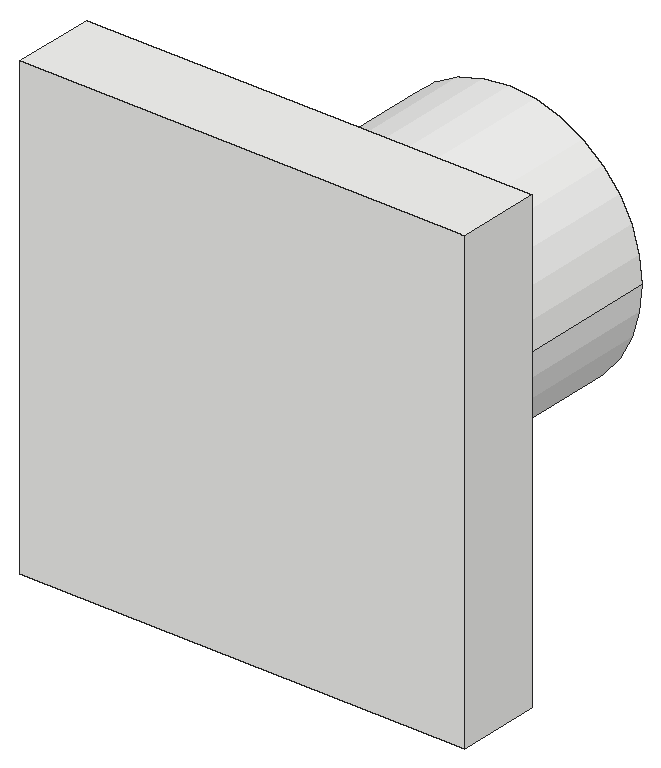
Revit family "V-08PPFL8_60Hz", category 機械設備, Revit 2019
Family settings
  丸型コネクタ寸法 = 直径を使用
  パーツ タイプ = 標準
  OmniClass 番号 = 23.75.35.17.24
  OmniClass タイトル = Axial Fans
  作業面ベース = いいえ
  常に垂直 = はい
  ロード時にボイドで切り取り = いいえ
  共有 = いいえ
  部屋計算ポイント = はい
Parameters (values of type "V-08PPFL8")
  騒音レベル(dB(A)) [instance] = 31.5
  風量 [instance] = 120.0 m³/h
  電源種別 [instance] = ""
  電圧 = 100 V
  電動機出力 = 0 W
  電動機_種別 [instance] = ""
  運転質量 = 0.00 kg
  連動 [instance] = ""
  質量 = if(製品質量 > 運転質量, 製品質量, 運転質量) * 1.2  # 0.684 kg
  負荷分類 = 3_ファン類
  説明 = "パイプ用ファン 角形格子タイプ"
  設計風量 [instance] = 0.0 m³/h
  設置方法 = "壁付"
  記号 [instance] = ""
  製造元 = "三菱電機株式会社"
  製品質量 = 0.57 kg
  製品出荷対象 = "国内"
  製品リリース年月 = "2022年6月1日"
  製品グループ = ""
  羽根径 = "∅85"
  系統 [instance] = ""
  符号 [instance] = if(☑給気／□排気, "FS", "FE")  # "FE"
  積算_科目 = "2 換気設備"
  積算_拾い区分 [instance] = ""
  相 = 1
  盤記号 [instance] = ""
  発停方法 [instance] = ""
  特殊仕様 [instance] = ""
  火災停止 [instance] = ""
  消費電力 = 4.7 W
  法定耐用年数 = "15"
  機外静圧 [instance] = 0.0 Pa
  極数 = 2
  材質 [instance] = ""
  操作・制御方式 = ""
  操作・制御スイッチ = ""
  排気量 [instance] = if(☑給気／□排気, 0.0 m³/h, 設計風量)  # 0.0 m³/h
  形式 = ""
  幹線記号 [instance] = ""
  対象室 [instance] = ""
  実風量 [instance] = 0.0 m³/h
  始動方式 [instance] = "直入"
  外気量 [instance] = if(☑給気／□排気, 設計風量, 0.0 m³/h)  # 0.0 m³/h
  呼称 = "パイプファン"
  周波数 = 60 Hz
  参照している仕様書等のバージョン = ""
  分類コード = "50052503100070"
  分類グループ = ""
  価格 = 14900
  企業コード = "108420"
  付属品_防振装置 = ""
  付属品 [instance] = ""
  仕様書バージョン = "Version1.0"
  モデル = "V-08PPFL8"
  マテリアル = 合成樹脂(白)
  ファンの種類 = ""
  ダクト径 = 100 mm
  コメント [instance] = ""
  Keynote = ""
  ☑給気／□排気 [instance] = no
  Width = 160 mm
  W1 = 250 mm
  Version = ""
  Uniclass2015Version = "Systems v1.9"
  Uniclass2015Title = "Axial flow fans"
  Uniclass2015Code = "Pr_65_67_29_05"
  URL = "https://www.mitsubishielectric.co.jp/ldg/wink/ssl/displayProduct.do?pid=320375"
  SpecificationReference = ""
  SpecificationDescription = ""
  Revision = ""
  ProductInformation = ""
  OmniClassCode = "23-33 31 19 11"
  MIN風量 = 70.0 m³/h
  MIN静圧 = 0.0 Pa
  MID風量 = 0.0 m³/h
  MID静圧 = 0.0 Pa
  MAX風量 = 120.0 m³/h
  MAX静圧 = 0.0 Pa
  IfcTypeProduct = ""
  IfcProduct = ""
  IfcExportType = "TUBEAXIAL"
  IfcExportAs = "IfcFanType"
  Height = 165 mm
  H1 = 80 mm
  EAサイズ_D = 95 mm
  Depth = 30 mm
  D1 = 90 mm
  Author = "三菱電機株式会社"
Reference planes
  plane 1 "中心(正面/背面)": y = 0
  plane 2: z = 0
  plane 3 "中心(左/右)": x = 0
  plane 4: x = -80
  plane 5: x = 80
  plane 6: z = 80
  plane 7: z = -85
  plane 8: y = -30
  plane 9: y = 90
Forms (mm)
  Extrusion 1, solid, material "合成樹脂(白)" <- "マテリアル", detail levels fine
    sketch origin (0, 0, 0) x (1, 0, 0) y (0, 0, 1)
      loop
        line (-80, 80) -> (-80, -85) -> (80, -85) -> (80, 80) -> (-80, 80)
    from 0 to 30
  Extrusion 2, solid, material "合成樹脂(白)" <- "マテリアル", detail levels fine
    sketch origin (0, 0, 0) x (1, 0, 0) y (0, 0, 1)
      loop
        circle (0, 0) r 47.5
    from -90 to 0
Dimensions and locks
  equal spacing: plane 5, plane 3 "中心(左/右)", plane 4
  "Width": plane 5 to plane 4
  "Depth": plane 1 "中心(正面/背面)" to plane 8
  "D1": plane 1 "中心(正面/背面)" to plane 9
  "H1": plane 6 to plane 2
  "Height": plane 6 to plane 7
  "EAサイズ_D": diameter of Extrusion 2 sketch curve
  aligned and locked: level to plane 2
  aligned and locked: Extrusion 1 sketch curve to plane 6
  aligned and locked: plane 4 to Extrusion 1 sketch curve
  aligned and locked: plane 7 to Extrusion 1 sketch curve
  aligned and locked: Extrusion 1 sketch curve to plane 5
  aligned and locked: plane 9 to Extrusion 2
  aligned and locked: Extrusion 1 to plane 8
  aligned and locked: Extrusion 1 to plane 1 "中心(正面/背面)"
  aligned and locked: plane 1 "中心(正面/背面)" to Extrusion 2
Automatic sketch dimensions
  Extrusion 2 sketch curve to level = 0 mm
  Extrusion 2 sketch curve to plane 3 "中心(左/右)" = 0 mm
Nested families
  nested 1: "記号_天井換気扇_平面" at (0, 0, 0), type "記号_天井換気扇_平面", detail levels coarse+medium
Connectors
  electrical at (0, 0, -2.5), driven by "極数", driven by "負荷分類", driven by "電圧", driven by "消費電力"
    settings: on Extrusion 1, index 2, voltage 100 V, apparent load 4.7 VA, apparent load phase1 0 VA, apparent load phase2 0 VA, apparent load phase3 0 VA, power factor 1, load classification "3_ファン類", number of poles 2, system type 30, power factor state 1, is connector primary yes, connector utility no, sub classification motor no, connector description ""
  hvac at (0, 0, 0), driven by "機外静圧", driven by "風量", driven by "ダクト径"
    settings: on Extrusion 2, index 3, duct flow 120.0 m³/h, flow factor 0, pres drop 0.0 Pa, loss coef 0, conn angle 0.00°, conn width 304.8 mm, conn height 304.8 mm, conn diameter 100 mm, duct sys type 3, conn prof type 0, flow config 0, flow direction 2, loss method 4, conn ref index -1, conn util no, is conn primary yes, conn desc ""
Definition of nested family "記号_天井換気扇_平面"
  Reference planes
    plane 1: y = 0
    plane 2: x = 0
  Lines and regions (mm)
    detail lines
      curve 1: line (-2.5, 2.5, 0) -> (2.5, 2.5, 0)
      curve 2: line (-2.5, -2.5, 0) -> (-2.5, 2.5, 0)
      curve 3: line (2.5, -2.5, 0) -> (-2.5, -2.5, 0)
      curve 4: line (2.5, 2.5, 0) -> (2.5, -2.5, 0)
      curve 5: circle (-1.04, -1.04, 0) r 1.46 normal (0, 0, 1)
      curve 6: circle (1.04, 1.04, 0) r 1.46 normal (0, 0, 1)
      curve 7: line (-3.125, 3.125, 0) -> (3.125, 3.125, 0)
      curve 8: line (-3.125, -3.125, 0) -> (-3.125, 3.125, 0)
      curve 9: line (3.125, -3.125, 0) -> (-3.125, -3.125, 0)
      curve 10: line (3.125, 3.125, 0) -> (3.125, -3.125, 0)
      curve 11: circle (1.295, 1.295, 0) r 1.83 normal (0, 0, 1)
      curve 12: circle (-1.295, -1.295, 0) r 1.83 normal (0, 0, 1)
      curve 13: line (-2, 2, 0) -> (2, 2, 0)
      curve 14: line (-2, -2, 0) -> (-2, 2, 0)
      curve 15: line (2, -2, 0) -> (-2, -2, 0)
      curve 16: line (2, 2, 0) -> (2, -2, 0)
      curve 17: circle (0.84, 0.84, 0) r 1.16 normal (0, 0, 1)
      curve 18: circle (-0.84, -0.84, 0) r 1.2 normal (0, 0, 1)
